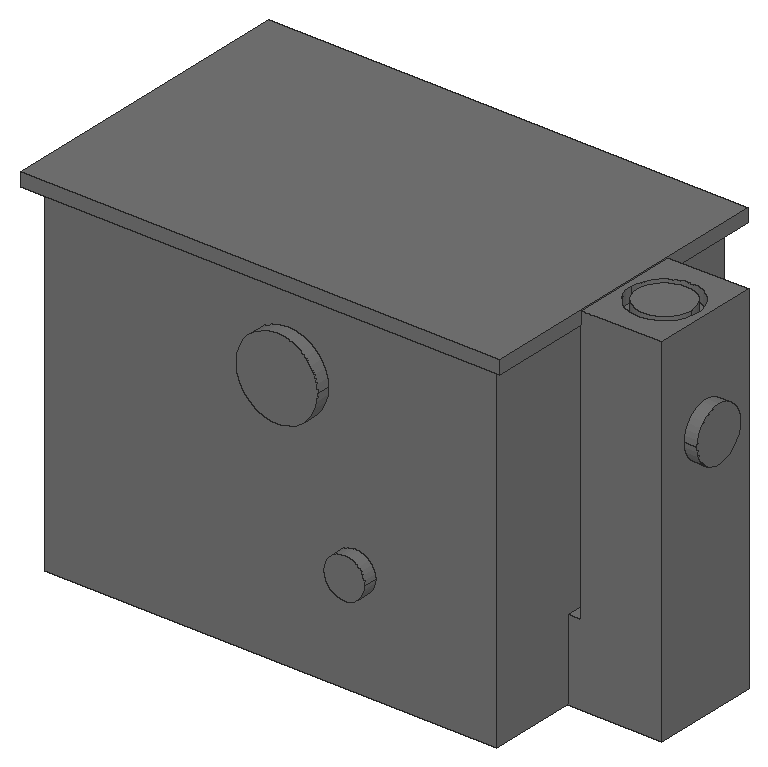
Revit family
Parameters (values of type "8010T02")
  Weight (lb) = 75.5
  Waste Connection = yes
  Warranty = "1 year material and workmanship"  # constant formula
  Vent Connection = no
  URL = "http://www.jrsmith.com"
  Technical and Installation = "http://www.jrsmith.com/products/inter/tech_data_index.htm"
  SmartBIM Object Version = 3  # constant formula
  SmartBIM Object Created By = "Reed Construction Data"  # constant formula
  Product URL = "http://www.jrsmith.com/products/inter/submittal/d8510.pdf"
  OmniClass Title = "Fats, Oils, and Grease Disposal Systems"  # constant formula
  OmniClass Code = "22-22 13 19 13"  # constant formula
  Note = "Interceptor must have flow control."  # constant formula
  NPT Vent Pipe Radius = NPT Vent Pipe Diameter / 2  # 1 1/2"
  NPT Vent Pipe Diameter = 3"
  Model = "8510"
  Material Finish = Duco coated
  Material = Alluminum Paint Dark Gray
  Manufacturer = "Jay R. Smith Mfg. Co. "  # constant formula
  M = 9 3/4"
  L = 4"
  Keynote = ""
  K = 12"
  J = 9 1/2"
  HW Connection = yes
  GPM Flow Rate = "10"
  Description = "Oil Interceptor"  # constant formula
  Default Elevation = 48"
  Cost = 0
  Clean Out Radius = Clean Out Diameter / 2  # 1"
  Clean Out Diameter = 2"
  CW Connection = yes
  Assembly Code = "D2030400"
  Adjustable Gravity Draw Off Connection Radius = Adjustable Gravity Draw Off Connection Diameter / 2  # 3/4"
  Adjustable Gravity Draw Off Connection Diameter = 1 1/2"
  95 CSI = "15155"  # constant formula
  04 CSI = "22 13 29"  # constant formula
Types (8): name | Weight (lb) | Model | M | L | K | J | GPM Flow Rate
  (no name) | 75.5 | "8510" | 9 3/4" | 4" | 12" | 9 1/2" | "10"
  8010T02 | 75.5 | "8510" | 9 3/4" | 4" | 12" | 9 1/2" | "10"
  8020T03 | 122 | "8515" | 12" | 5 3/4" | 14 1/4" | 10 1/4" | "15"
  8025T03 | 140 | "8025" | 13 1/2" | 4 1/2" | 16 1/2" | 12" | "20"
  8035T03 | 162.5 | "8035" | 16 1/4" | 6 1/4" | 18 3/4" | 12 3/4" | "25"
  8050T03 | 214 | "8050" | 17 1/2" | 7" | 21 1/4" | 14 1/2" | "35"
  8120T03 | 147 | "8120" | 20 3/4" | 7 1/2" | 22" | 16" | "50"
  8015T02 | 96 | "8515" | 12" | 5 3/4" | 14 1/4" | 10 1/4" | "15"
Reference planes (in)
  plane 1 "Center (Front/Back)": y = -1.86143
  plane 2: z = 0
  plane 3 "Center (Left/Right)": x = -3.77936
  plane 4: x = -14.40436
  plane 5: x = 6.84564
  plane 6: y = 3.38857
  plane 7: y = -7.11143
  plane 8: z = 13.25
  plane 9: x = 2.84564
  plane 10: x = -13.90436
  plane 11: x = 6.34564
  plane 12: x = 4.84564
  plane 13: x = -4.90436
  plane 14: x = -2.40436
  plane 15: y = -7.61143
  plane 16: y = 3.88857
Dimensions and locks (in)
  equal spacing: plane 4, plane 3 "Center (Left/Right)", plane 5
  locked: plane 4 to plane 5 at 21.25
  locked: plane 9 to plane 5 at 4
  equal spacing: plane 6, plane 1 "Center (Front/Back)", plane 7
  locked: plane 5 to plane 11 at 0.5
  locked: plane 12 to plane 5 at 2
  locked: plane 4 to plane 10 at 0.5
  "J": plane 4 to plane 13
  "K": plane 4 to plane 14
  locked: plane 15 to plane 7 at 0.5
  locked: plane 16 to plane 6 at 0.5
  locked: plane 16 to plane 15 at 11.5
  locked: plane 8 to level at 13.25
  aligned and locked: plane 3 "Center (Left/Right)" to nested 1
  aligned and locked: plane 8 to nested 1
Nested families (in)
  nested 1: "Interceptor_8510" at (0, 0, 0), type "8510"
Connectors (in)
  piping at (6.84564, -1.86143, 9.5)
    settings: on nested 1, index 1
  piping at (-2.40436, -7.61143, 4), driven by "Adjustable Gravity Draw Off Connection Radius"
    settings: on nested 1, index 3
  piping at (-4.90436, -7.61143, 9.75), driven by "NPT Vent Pipe Radius"
    settings: on nested 1, index 4
  piping at (-14.40436, -1.86143, 9.5)
    settings: on nested 1, index 5
Definition of nested family "Interceptor_8510"
  Parameters (values of type "8510")
    Width = 21 1/4"
    Weight (lb) = 75.5
    Waste Connection = yes
    Warranty = "1 year material and workmanship"  # constant formula
    Vent Connection = no
    URL = "http://www.jrsmith.com"
    Type Comments = ""
    Technical and Installation = "http://www.jrsmith.com/products/inter/tech_data_index.htm"
    SmartBIM Object Version = 3  # constant formula
    SmartBIM Object Created By = "Reed Construction Data"  # constant formula
    Product URL = "http://www.jrsmith.com/products/inter/submittal/d8510.pdf"
    OmniClass Title = "Fats, Oils, and Grease Disposal Systems"  # constant formula
    OmniClass Code = "22-22 13 19 13"  # constant formula
    Note = "Interceptor must have flow control."  # constant formula
    NPT Vent Pipe Radius = NPT Vent Pipe Diameter / 2  # 1 1/2"
    NPT Vent Pipe Diameter = 3"
    Model = "8510"
    Max. Static Load = ""
    Material Finish = Duco coated
    Material = Alluminum Paint Dark Gray
    Manufacturer = "Jay R. Smith Mfg. Co. "  # constant formula
    M = 9 3/4"
    L = 4"
    Keynote = ""
    K = 12"
    J = 9 1/2"
    Height = 13 1/4"
    HW Connection = yes
    GPM Flow Rate = "10"
    Free Area(Sq In) = ""
    Description = "Oil Interceptor"  # constant formula
    Depth = 11 1/2"
    Default Elevation = 48"
    Cost = 0
    Clean Out Radius = Clean Out Diameter / 2  # 1"
    Clean Out Diameter = 2"
    Clean Out Depth = 4"
    Clean Out Width = 4"
    Capacity = ""
    CW Connection = yes
    Assembly Code = "D2030400"
    Outlet Radius = Outlet Diameter / 2  # 1"
    Outlet Diameter = 2"
    Inlet Radius = Inlet Diameter / 2  # 1"
    Inlet Diameter = 2"
    Inlet And Air Outlet Height = 9 1/2"
    Adjustable Gravity Draw Off Connection Radius = Adjustable Gravity Draw Off Connection Diameter / 2  # 3/4"
    Adjustable Gravity Draw Off Connection Diameter = 1 1/2"
    95 CSI = "15155"  # constant formula
    04 CSI = "22 13 29"  # constant formula
  Reference planes (in)
    plane 1 "Center (Front/Back)": y = -1.86143
    plane 2: z = 0
    plane 3 "Center (Left/Right)": x = -3.77936
    plane 4: x = -14.40436
    plane 5: x = 6.84564
    plane 6: z = 13.25
    plane 7: y = 3.38857
    plane 8: y = -7.11143
    plane 9: z = 12.75
    plane 10: x = 2.84564
    plane 11: x = -13.90436
    plane 12: z = 0.25
    plane 13: z = 9.5
    plane 14: x = 6.34564
    plane 15: x = 4.84564
    plane 16: z = 13.75
    plane 17: x = -4.90436
    plane 18: x = -2.40436
    plane 19: z = 4
    plane 20: z = 9.75
    plane 21: y = -7.61143
    plane 22: y = 3.88857
  Forms (in)
    Sweep 1, solid, material "Alluminum Paint Dark Gray" <- "Material"
      path origin (0, 0, 0) x (1, 0, 0) y (0, 1, 0)
        loop
          line (-13.90436, -7.11143) -> (2.84564, -7.11143) -> (2.84564, 3.38857) -> (-13.90436, 3.38857) -> (-13.90436, -7.11143)
      profile origin (-13.90436, -1.86143, 0) x (-1, 0, 0) y (0, 0, 1)
        loop
          line (0.5, 12.75) -> (0.5, 13.25) -> (0.25, 13.25) -> (-0.25, 13.25) -> (-0.25, 0) -> (0, 0) -> (0, 12.75) -> (0.5, 12.75)
    Extrusion 2, solid, material "Alluminum Paint Dark Gray" <- "Material"
      sketch origin (0, -1.86143, 0) x (1, 0, 0) y (0, 0, 1)
        loop
          line (3.34564, 13.25) -> (3.34564, 3) -> (2.84564, 3) -> (2.84564, 0) -> (6.34564, 0) -> (6.34564, 13.25) -> (3.34564, 13.25)
      from -2 to 2
    Extrusion 3, solid, material "Alluminum Paint Dark Gray"
      sketch origin (0, 0, 0) x (1, 0, 0) y (0, 1, 0)
        loop
          line (-13.65436, 3.13857) -> (-13.65436, -6.86143) -> (2.59564, -6.86143) -> (2.59564, 3.13857) -> (-13.65436, 3.13857)
      from 0 to 0.25
    Extrusion 4, solid, material "Alluminum Paint Dark Gray" <- "Material"
      sketch origin (-3.77936, 0, 0) x (0, 1, 0) y (0, 0, 1)
        loop
          circle (-1.86143, 9.5) r 1
      from 10.125 to 10.625
    Extrusion 5, solid, material "Alluminum Paint Dark Gray" <- "Material"
      sketch origin (-3.77936, 0, 0) x (0, 1, 0) y (0, 0, 1)
        loop
          circle (-1.86143, 9.5) r 1
      from -10.625 to -10.125
    Extrusion 6, solid, material "Alluminum Paint Dark Gray" <- "Material"
      sketch origin (0, 0, 0) x (1, 0, 0) y (0, 1, 0)
        loop
          circle (4.84564, -1.86143) r 1
      from 12.75 to 13.25
    Extrusion 7, solid, material "Alluminum Paint Dark Gray" <- "Material"
      sketch origin (0, 0, 0) x (1, 0, 0) y (0, 1, 0)
        loop
          line (-13.65436, -6.86143) -> (2.59564, -6.86143) -> (2.59564, 3.13857) -> (-13.65436, 3.13857) -> (-13.65436, -6.86143)
      from 12.75 to 13.25
    Extrusion 8, solid, material "Alluminum Paint Dark Gray" <- "Material"
      sketch origin (0, -1.86143, 0) x (1, 0, 0) y (0, 0, 1)
        loop
          circle (-4.90436, 9.75) r 1.5
      from 5.25 to 5.75
    Extrusion 9, solid, material "Alluminum Paint Dark Gray" <- "Material"
      sketch origin (0, -1.86143, 0) x (1, 0, 0) y (0, 0, 1)
        loop
          circle (-2.40436, 4) r 0.75
      from 5.25 to 5.75
    Extrusion 10, void
      sketch origin (0, 0, 0) x (1, 0, 0) y (0, 1, 0)
        loop
          circle (4.84564, -1.86143) r 1.25
      from 12.75 to 14.33675
  Cuts and joins
    joined: Sweep 1, Extrusion 7
    Extrusion 10 cuts Extrusion 2
  Dimensions and locks (in)
    equal spacing: plane 4, plane 3 "Center (Left/Right)", plane 5
    "Width": plane 4 to plane 5
    "Height": plane 6 to level
    "Clean Out Width": plane 10 to plane 5
    locked: Extrusion 2 sketch curve to Extrusion 2 sketch curve at 0.5
    equal spacing: plane 7, plane 1 "Center (Front/Back)", plane 8
    equal spacing: Extrusion 2, plane 1 "Center (Front/Back)", Extrusion 2
    "Clean Out Depth": Extrusion 2 to Extrusion 2
    locked: plane 12 to level at 0.25
    "Inlet And Air Outlet Height": plane 13 to level
    locked: plane 5 to plane 14 at 0.5
    locked: plane 15 to plane 5 at 2
    locked: plane 4 to plane 11 at 0.5
    locked: plane 6 to plane 9 at 0.5
    locked: plane 16 to plane 6 at 0.5
    "J": plane 4 to plane 17
    "K": plane 4 to plane 18
    "L": plane 19 to plane 2
    "M": plane 20 to plane 2
    locked: plane 21 to plane 8 at 0.5
    locked: plane 22 to plane 7 at 0.5
    "Depth": plane 22 to plane 21
    "Outlet Radius": radius of Extrusion 4 sketch curve
    "Inlet Radius": radius of Extrusion 5 sketch curve
    "Clean Out Radius": radius of Extrusion 6 sketch curve
    radius of Extrusion 4 sketch curve = 1"  (x2)
    "NPT Vent Pipe Radius": radius of Extrusion 8 sketch curve
    "Adjustable Gravity Draw Off Connection Radius": radius of Extrusion 9 sketch curve
    aligned and locked: plane 4 to Sweep 1 sketch curve
    aligned and locked: plane 9 to Sweep 1 sketch curve
    aligned and locked: plane 11 to Sweep 1 sketch curve
    aligned and locked: level to Sweep 1 sketch curve
    aligned and locked: plane 6 to Sweep 1 sketch curve  (x2)
    aligned and locked: Sweep 1 sketch curve to plane 10
    aligned and locked: Sweep 1 sketch curve to plane 7
    aligned and locked: plane 8 to Sweep 1 sketch curve
    aligned and locked: Extrusion 2 sketch curve to plane 6
    aligned and locked: Extrusion 2 sketch curve to level
    aligned and locked: Extrusion 2 sketch curve to Sweep 1
    aligned and locked: Extrusion 2 sketch curve to plane 10
    aligned and locked: Extrusion 3 sketch curve to Sweep 1  (x4)
    aligned and locked: level to Extrusion 3
    aligned and locked: plane 12 to Extrusion 3
    aligned and locked: plane 1 "Center (Front/Back)" to Extrusion 4 sketch curve
    aligned and locked: plane 13 to Extrusion 4 sketch curve
    aligned and locked: plane 14 to Extrusion 2 sketch curve
    aligned and locked: Extrusion 4 to plane 14
    aligned and locked: Extrusion 4 to plane 5
    aligned and locked: plane 13 to Extrusion 5 sketch curve
    aligned and locked: plane 1 "Center (Front/Back)" to Extrusion 5 sketch curve
    aligned and locked: plane 4 to Extrusion 5
    aligned and locked: Extrusion 5 to plane 11
    aligned and locked: plane 1 "Center (Front/Back)" to Extrusion 6 sketch curve
    aligned and locked: plane 15 to Extrusion 6 sketch curve
    aligned: plane 16 to Extrusion 6
    aligned and locked: Extrusion 7 sketch curve to Sweep 1  (x4)
    aligned and locked: Extrusion 7 to plane 9
    aligned and locked: plane 6 to Extrusion 7
    aligned and locked: Extrusion 8 to plane 8
    aligned and locked: Extrusion 8 to plane 21
    aligned and locked: plane 17 to Extrusion 8 sketch curve
    aligned and locked: plane 20 to Extrusion 8 sketch curve
    aligned and locked: plane 18 to Extrusion 9 sketch curve
    aligned and locked: plane 19 to Extrusion 9 sketch curve
    aligned and locked: Extrusion 9 to plane 8
    aligned and locked: Extrusion 9 to plane 21
    aligned and locked: cut or joined group of Sweep 1, Extrusion 7 to Extrusion 6
    aligned and locked: Extrusion 6 to cut or joined group of Sweep 1, Extrusion 7
  Automatic sketch dimensions
    Sweep 1 sketch curve to plane 11 = 0"
    level to Extrusion 2 sketch curve = 3"
    Sweep 1 sketch curve to level = 0"
    profile plane to Sweep 1 sketch curve = 1/4"
    Sweep 1 sketch curve to Sweep 1 sketch curve = 1/4"
    Sweep 1 sketch curve to Sweep 1 sketch curve = 0"
    Extrusion 10 sketch curve to Extrusion 10 sketch curve = 0"  (x2)
    Extrusion 10 sketch curve to plane 1 "Center (Front/Back)" = 0"
    Extrusion 10 sketch curve to plane 15 = 0"
    Extrusion 10 sketch curve to plane 10 = 3/4"
